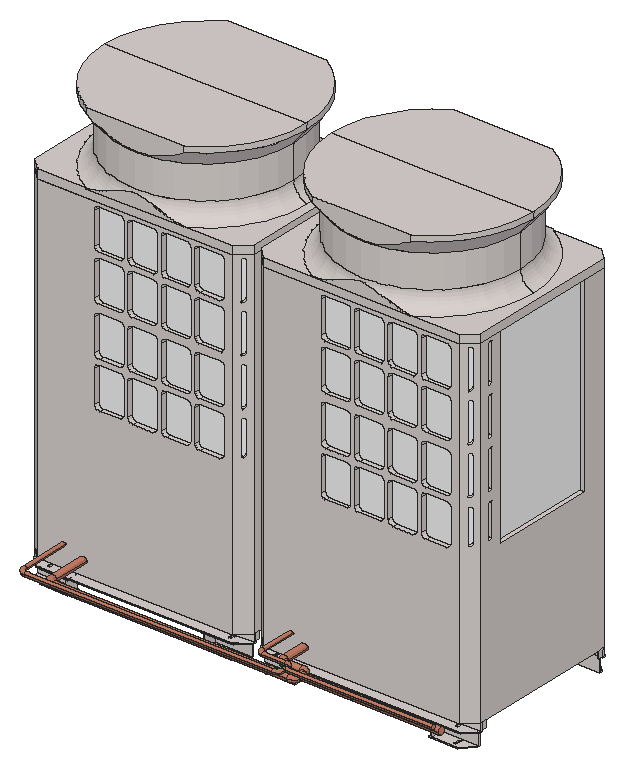
Revit family "PUHY-P550YSNW-A1", category Mechanical Equipment, Revit 2016 (continued)
Definition of nested family "PUHY-P250YNW-A1"
  Dimensions and locks
    cut or joined group 1 (Extrusion 1, Extrusion 2, Extrusion 3, Extrusion 4, Extrusion 5, Extrusion 6, Extrusion 7, Extrusion 8, Extrusion 9, Extrusion 10, Extrusion 11, Extrusion 12, Extrusion 13, Extrusion 14, Extrusion 15, Extrusion 16, Extrusion 17, Extrusion 20, Extrusion 21, Extrusion 22, Extrusion 23, Extrusion 24, Extrusion 25, Extrusion 26, Extrusion 27, Extrusion 28, Extrusion 29, Extrusion 30, Extrusion 31, Extrusion 32) to cut or joined group 1 = 920 mm
    cut or joined group 1 to cut or joined group 1 = 740 mm
    nested 5 to cut or joined group 1 = 80 mm
    cut or joined group 1 to nested 4 to nested 5 = 80 mm, 760 mm
    cut or joined group 1 to nested 2 = 29.5 mm
    cut or joined group 1 to nested 3 to nested 2 = 29.5 mm, 681 mm
    cut or joined group 1 to cut or joined group 1 = 35 mm
    plane 6 "44" to cut or joined group 1 = 3.536 mm
    Extrusion 25 sketch curve to Extrusion 25 sketch curve = 20 mm
    cut or joined group 1 to cut or joined group 1 = 50 mm
    locked: Extrusion 19 to nested 2 at 116
    curve 137 to nested 2 = 90 mm
    curve 135 to nested 2 = 125 mm
    curve 133 to nested 2 = 110 mm
    cut or joined group 1 to curve 133 = 132 mm
    cut or joined group 1 to curve 135 = 207 mm
    cut or joined group 1 to curve 137 = 256 mm
    cut or joined group 1 to curve 126 to curve 128 = 125 mm, 148 mm
    curve 127 to curve 125 to nested 2 = 84 mm, 71 mm
    cut or joined group 1 to Extrusion 19 = 198 mm
    cut or joined group 1 to Extrusion 18 = 181 mm
    cut or joined group 1 to curve 29 = 166 mm
    cut or joined group 1 to curve 27 = 185 mm
    cut or joined group 1 to curve 28 = 110 mm
    curve 27 to cut or joined group 1 = 152 mm
    curve 28 to cut or joined group 1 = 172 mm
    curve 29 to cut or joined group 1 = 216 mm
    cut or joined group 1 to curve 9 to curve 11 = 79 mm, 94 mm
    cut or joined group 1 to curve 12 to curve 10 = 128 mm, 150 mm
    cut or joined group 1 to plane 10 = 160 mm
    cut or joined group 1 to plane 11 = 243 mm
    nested 4 to nested 4 = 60 mm
    cut or joined group 1 to nested 2 = 32 mm
    nested 4 to nested 4 = 56 mm
    nested 2 to nested 2 to nested 2 = 20 mm, 54 mm
    nested 3 to nested 2 = 592 mm
    nested 3 to nested 3 = 20 mm
    aligned and locked: level to plane 2
    aligned and locked: nested 2 to nested 4
    aligned and locked: nested 2 to nested 5
  Nested families
    nested 1: "FAN GUARD" at (0, 0, 861), type "FAN GUARD"
      with WIDTH 920 mm
    nested 2: "BASE LEG" at (0, -352, 60), type "BASE LEG"
      with Width 920 mm
    nested 3: "BASE LEG" at (0, 352, 60), type "BASE LEG"
      with Width 920 mm
    nested 4: "ATTACHMENT LEG" at (-374, -349, 0), type "ATTACHMENT LEG"
    nested 5: "ATTACHMENT LEG" at (374, -349, 0) x (-1, 0, 0) z (0, 0, 1), type "ATTACHMENT LEG"
    nested 6: "ATTACHMENT LEG" at (-374, 349, 0), type "ATTACHMENT LEG"
    nested 7: "ATTACHMENT LEG" at (374, 349, 0) x (-1, 0, 0) z (0, 0, 1), type "ATTACHMENT LEG"
  Connectors
    piping at (-217, -189, 176), diameter 22.2, driven by "Gas pipe_radius"
      settings: on Extrusion 18, index 3, connector inside diameter 22.2 mm, connector length 0 mm, flow factor 0, pipe flow 0.0 L/s, pressure drop 0.0 Pa, fitting loss kfactor 0, connector angle 0.00°, fixture units 0, engagement length 0 mm, angle of deflection 0.00°, flow configuration 0, flow direction 0, fitting loss method 0, system type 22, joint type 0, gender type 0, connector reference index -1, connector utility 0, adjustable connector no, is connector primary yes, connector description "Refrigerant service valve (gas)"
    piping at (-300, -172, 176), diameter 9.52, driven by "Liquid pipe_radius"
      settings: on Extrusion 19, index 4, connector inside diameter 9.52 mm, connector length 0 mm, flow factor 0, pipe flow 0.0 L/s, pressure drop 0.0 Pa, fitting loss kfactor 0, connector angle 0.00°, fixture units 0, engagement length 0 mm, angle of deflection 0.00°, flow configuration 0, flow direction 0, fitting loss method 0, system type 22, joint type 0, gender type 0, connector reference index -1, connector utility 0, adjustable connector no, is connector primary no, connector description "Refrigerant service valve (Liquid)"
    electrical at (0, -370, 808)
      settings: on cut or joined group 1, index 5, voltage 415 V, apparent load 0 VA, apparent load phase1 0 VA, apparent load phase2 0 VA, apparent load phase3 0 VA, power factor 1, load classification none, number of poles 3, system type 30, power factor state 1, is connector primary yes, connector utility no, sub classification motor no, connector description ""
  Definition of nested family "FAN GUARD"
    Parameters
      WIDTH [instance] = 920 mm
    Reference planes
      plane 1 "中心(正面/背面)": y = 0
      plane 2: z = 0
      plane 3 "中心(左/右)": x = 0
      plane 4 "ファンガード基準面": z = 660
      plane 5: y = 370
      plane 6: y = -370
      plane 7: x = 460
      plane 8: x = -460
      plane 9 "ファンガード基準上面": z = 694
      plane 10 "ファンガード上面": z = 997
    Forms (mm)
      Extrusion 1, solid
        sketch origin (0, 0, 660) x (-1, 0, 0) y (0, -1, 0)
          loop
            line (410, -370) -> (460, -320) -> (460, 320) -> (410, 370) -> (-410, 370) -> (-460, 320) -> (-460, -320) -> (-410, -370) -> (410, -370)
        from 0 to 34
      Revolve 2, solid
        sketch origin (0, 0, 0) x (1, 0, 0) y (0, 0, 1)
          loop
            line (0, 694) -> (0, 997) -> (-423, 997) -> (-423, 973) -> (-368.829, 903.664) -> (-368.829, 764.141)
            arc (-368.829, 764.141) -> (-384.109, 719.678) -> (-423.494, 694) r 72.332
            line (-423.494, 694) -> (0, 694)
          axis (0, 997) -> (0, 694)
        angle from 0 to 360
      Extrusion 3, void
        sketch origin (0, 0, 694) x (-1, 0, 0) y (0, -1, 0)
          loop
            line (345, -370) -> (-345, -370) -> (-345, -545) -> (345, -545) -> (345, -370)
          loop
            line (345, 370) -> (345, 539.592) -> (-345, 539.592) -> (-345, 370) -> (345, 370)
        from 0 to 400
    Cuts and joins
      Extrusion 3 cuts Revolve 2
    Lines and regions (mm)
      model lines
        curve 1: line (-423, 0, 997) -> (-80, 0, 997)
        curve 2: line (80, 0, 997) -> (423, 0, 997)
        curve 3: circle (0, 0, 997) r 80 normal (0, 0, 1)
        curve 4: line (-415.366, -80, 997) -> (415.366, -80, 997)
        curve 5: line (-391.572, -160, 997) -> (391.572, -160, 997)
        curve 6: line (-348.323, -240, 997) -> (348.323, -240, 997)
        curve 7: line (-276.639, -320, 997) -> (276.639, -320, 997)
        curve 8: line (-415.366, 80, 997) -> (415.366, 80, 997)
        curve 9: line (-391.572, 160, 997) -> (391.572, 160, 997)
        curve 10: line (-348.323, 240, 997) -> (348.323, 240, 997)
        curve 11: line (-276.639, 320, 997) -> (276.639, 320, 997)
        curve 12: line (0, 370, 997) -> (0, -370, 997)
        curve 13: line (-20, 370, 997) -> (-20, -370, 997)
        curve 14: line (-40, 370, 997) -> (-40, -370, 997)
        curve 15: line (-60, 370, 997) -> (-60, -370, 997)
        curve 16: line (-80, 370, 997) -> (-80, -370, 997)
        curve 17: line (20, 370, 997) -> (20, -370, 997)
        curve 18: line (40, 370, 997) -> (40, -370, 997)
        curve 19: line (60, 370, 997) -> (60, -370, 997)
        curve 20: line (80, 370, 997) -> (80, -370, 997)
        curve 21: line (100, 370, 997) -> (100, -370, 997)
        curve 22: line (120, 370, 997) -> (120, -370, 997)
        curve 23: line (140, 370, 997) -> (140, -370, 997)
        curve 24: line (160, 370, 997) -> (160, -370, 997)
        curve 25: line (180, 370, 997) -> (180, -370, 997)
        curve 26: line (200, 370, 997) -> (200, -370, 997)
        curve 27: line (220, 361.288, 997) -> (220, -361.288, 997)
        curve 28: line (240, 348.323, 997) -> (240, -348.323, 997)
        curve 29: line (260, 333.66, 997) -> (260, -333.66, 997)
        curve 30: line (280, 317.063, 997) -> (280, -317.063, 997)
        curve 31: line (300, 298.21, 997) -> (300, -298.21, 997)
        curve 32: line (320, 276.639, 997) -> (320, -276.639, 997)
        curve 33: line (340, 251.653, 997) -> (340, -251.653, 997)
        curve 34: line (360, 222.101, 997) -> (360, -222.101, 997)
        curve 35: line (380, 185.82, 997) -> (380, -185.82, 997)
        curve 36: line (400, 137.583, 997) -> (400, -137.583, 997)
        curve 37: line (420, 50.289, 997) -> (420, -50.289, 997)
        curve 38: line (-100, 370, 997) -> (-100, -370, 997)
        curve 39: line (-120, 370, 997) -> (-120, -370, 997)
        curve 40: line (-140, 370, 997) -> (-140, -370, 997)
        curve 41: line (-160, 370, 997) -> (-160, -370, 997)
        curve 42: line (-180, 370, 997) -> (-180, -370, 997)
        curve 43: line (-200, 370, 997) -> (-200, -370, 997)
        curve 44: line (-220, 361.288, 997) -> (-220, -361.288, 997)
        curve 45: line (-240, 348.323, 997) -> (-240, -348.323, 997)
        curve 46: line (-260, 333.66, 997) -> (-260, -333.66, 997)
        curve 47: line (-280, 317.063, 997) -> (-280, -317.063, 997)
        curve 48: line (-300, 298.21, 997) -> (-300, -298.21, 997)
        curve 49: line (-320, 276.639, 997) -> (-320, -276.639, 997)
        curve 50: line (-340, 251.653, 997) -> (-340, -251.653, 997)
        curve 51: line (-360, 222.101, 997) -> (-360, -222.101, 997)
        curve 52: line (-380, 185.82, 997) -> (-380, -185.82, 997)
        curve 53: line (-400, 137.583, 997) -> (-400, -137.583, 997)
        curve 54: line (-420, 50.289, 997) -> (-420, -50.289, 997)
        curve 55: line (10, 79.373, 997) -> (10, -79.373, 997)
        curve 56: line (-10, 79.373, 997) -> (-10, -79.373, 997)
        curve 57: line (30, 74.162, 997) -> (30, -74.162, 997)
        curve 58: line (50, 62.45, 997) -> (50, -62.45, 997)
        curve 59: line (70, 38.73, 997) -> (70, -38.73, 997)
        curve 60: line (-30, 74.162, 997) -> (-30, -74.162, 997)
        curve 61: line (-50, 62.45, 997) -> (-50, -62.45, 997)
        curve 62: line (-70, 38.73, 997) -> (-70, -38.73, 997)
    Dimensions and locks
      "WIDTH": plane 8 to plane 7
      locked: plane 6 to plane 5 at 740
      equal spacing: plane 8, plane 3 "中心(左/右)", plane 7
      equal spacing: plane 6, plane 1 "中心(正面/背面)", plane 5
      plane 3 "中心(左/右)" to Revolve 2 sketch curve = 423 mm
      locked: plane 10 "ファンガード上面" to plane 9 "ファンガード基準上面" at 303
      aligned and locked: level to plane 2
      aligned and locked: plane 5 to Extrusion 1 sketch curve
      aligned and locked: Extrusion 1 sketch curve to plane 6
      aligned and locked: plane 8 to Extrusion 1 sketch curve
      aligned and locked: plane 7 to Extrusion 1 sketch curve
      aligned and locked: plane 9 "ファンガード基準上面" to Extrusion 1
      aligned and locked: plane 4 "ファンガード基準面" to Extrusion 1
      aligned and locked: plane 9 "ファンガード基準上面" to Revolve 2 sketch curve
      aligned and locked: Revolve 2 sketch curve to plane 3 "中心(左/右)"
      aligned and locked: Extrusion 1 to Extrusion 3 sketch curve
      aligned and locked: Extrusion 3 sketch curve to Extrusion 1
      aligned and locked: cut or joined group of Revolve 2, Extrusion 3 to plane 10 "ファンガード上面"
    Automatic sketch dimensions
      Extrusion 1 sketch curve to plane 7 = 50 mm  (x2)
      plane 8 to Extrusion 1 sketch curve = 50 mm  (x2)
      plane 5 to Extrusion 1 sketch curve = 50 mm  (x2)
      Extrusion 1 sketch curve to plane 6 = 50 mm  (x2)
      plane 3 "中心(左/右)" to Extrusion 3 sketch curve = 345 mm  (x2)
      Extrusion 3 sketch curve to plane 3 "中心(左/右)" = 345 mm  (x2)
      Extrusion 3 sketch curve to Extrusion 3 sketch curve = 175 mm
      Extrusion 3 sketch curve to Extrusion 3 sketch curve = 169.592 mm
      plane 1 "中心(正面/背面)" to curve 2 = 0 mm
      plane 1 "中心(正面/背面)" to curve 3 = 0 mm
      curve 3 to plane 3 "中心(左/右)" = 0 mm
      curve 12 to plane 3 "中心(左/右)" = 0 mm
      plane 1 "中心(正面/背面)" to curve 1 = 0 mm
      plane 3 "中心(左/右)" to curve 55 = 10 mm
      curve 17 to curve 12 = 20 mm
      curve 57 to curve 55 = 20 mm
      curve 18 to curve 17 = 20 mm
      curve 58 to curve 57 = 20 mm
      curve 19 to curve 18 = 20 mm
      curve 59 to curve 58 = 20 mm
      curve 20 to curve 19 = 20 mm
      curve 2 to curve 59 = 10 mm
      curve 21 to curve 20 = 20 mm
      curve 22 to curve 21 = 20 mm
      curve 23 to curve 22 = 20 mm
      curve 24 to curve 23 = 20 mm
      curve 25 to curve 24 = 20 mm
      curve 26 to curve 25 = 20 mm
      curve 27 to curve 26 = 20 mm
      curve 28 to curve 27 = 20 mm
      curve 29 to curve 28 = 20 mm
      curve 11 to curve 29 = 16.639 mm
      curve 7 to curve 29 = 16.639 mm
      curve 30 to curve 7 = 3.361 mm
      curve 31 to curve 30 = 20 mm
      curve 32 to curve 31 = 20 mm
      curve 33 to curve 32 = 20 mm
      curve 6 to curve 33 = 8.323 mm
      curve 10 to curve 33 = 8.323 mm
      curve 34 to curve 10 = 11.677 mm
      curve 35 to curve 34 = 20 mm
      curve 9 to curve 35 = 11.572 mm
      curve 5 to curve 35 = 11.572 mm
      curve 36 to curve 9 = 8.428 mm
      curve 8 to curve 36 = 15.366 mm
      curve 4 to curve 36 = 15.366 mm
      curve 37 to curve 8 = 4.634 mm
      curve 2 to curve 37 = 3 mm
      curve 56 to plane 3 "中心(左/右)" = 10 mm
      curve 13 to plane 3 "中心(左/右)" = 20 mm
      curve 56 to curve 60 = 20 mm
      curve 13 to curve 14 = 20 mm
      curve 60 to curve 61 = 20 mm
      curve 14 to curve 15 = 20 mm
      curve 61 to curve 62 = 20 mm
      curve 15 to curve 16 = 20 mm
      curve 16 to curve 38 = 20 mm
      curve 38 to curve 39 = 20 mm
      curve 39 to curve 40 = 20 mm
      curve 40 to curve 41 = 20 mm
      curve 41 to curve 42 = 20 mm
      curve 42 to curve 43 = 20 mm
      curve 43 to curve 44 = 20 mm
      curve 44 to curve 45 = 20 mm
      curve 45 to curve 46 = 20 mm
      curve 46 to curve 7 = 16.639 mm
      curve 46 to curve 11 = 16.639 mm
      curve 7 to curve 47 = 3.361 mm
      curve 47 to curve 48 = 20 mm
      curve 48 to curve 49 = 20 mm
      curve 49 to curve 50 = 20 mm
      curve 50 to curve 6 = 8.323 mm
      curve 50 to curve 10 = 8.323 mm
      curve 10 to curve 51 = 11.677 mm
      curve 51 to curve 52 = 20 mm
      curve 52 to curve 9 = 11.572 mm
      curve 52 to curve 5 = 11.572 mm
      curve 5 to curve 53 = 8.428 mm
      curve 53 to curve 4 = 15.366 mm
      curve 53 to curve 8 = 15.366 mm
      curve 4 to curve 54 = 4.634 mm
      curve 54 to curve 1 = 3 mm
      curve 8 to plane 1 "中心(正面/背面)" = 80 mm
      curve 36 to curve 8 = 57.583 mm
      curve 53 to curve 8 = 57.583 mm
      curve 9 to curve 36 = 22.417 mm
      curve 52 to curve 9 = 25.82 mm
      curve 35 to curve 9 = 25.82 mm
      curve 51 to curve 52 = 36.282 mm
      curve 34 to curve 35 = 36.282 mm
      curve 10 to curve 51 = 17.899 mm
      curve 33 to curve 10 = 11.653 mm
      curve 50 to curve 10 = 11.653 mm
      curve 49 to curve 50 = 24.986 mm
      curve 32 to curve 33 = 24.986 mm
      curve 48 to curve 49 = 21.571 mm
      curve 31 to curve 32 = 21.571 mm
      curve 47 to curve 48 = 18.853 mm
      curve 30 to curve 31 = 18.853 mm
      curve 11 to curve 30 = 2.937 mm
      curve 29 to curve 11 = 13.66 mm
      curve 46 to curve 11 = 13.66 mm
      curve 28 to curve 29 = 14.663 mm
      curve 45 to curve 46 = 14.663 mm
      curve 44 to curve 45 = 12.965 mm
      curve 27 to curve 28 = 12.965 mm
      curve 12 to curve 27 = 8.712 mm
      curve 12 to curve 21 = 0 mm
      curve 13 to curve 12 = 0 mm
      curve 14 to curve 13 = 0 mm  (x2)
      curve 12 to curve 18 = 0 mm
      curve 21 to curve 23 = 0 mm
      curve 43 to curve 44 = 8.712 mm
      curve 23 to curve 24 = 0 mm  (x2)
      curve 43 to curve 42 = 0 mm  (x2)
      curve 24 to curve 25 = 0 mm  (x2)
      curve 42 to curve 41 = 0 mm  (x2)
      curve 25 to curve 26 = 0 mm  (x2)
      curve 41 to curve 40 = 0 mm  (x2)
      curve 20 to curve 21 = 0 mm  (x2)
      curve 40 to curve 39 = 0 mm  (x2)
      curve 15 to curve 14 = 0 mm
      curve 39 to curve 38 = 0 mm
      curve 38 to curve 16 = 0 mm  (x2)
      curve 18 to curve 19 = 0 mm  (x2)
      curve 12 to curve 17 = 0 mm  (x2)
      curve 21 to curve 22 = 0 mm  (x2)
      curve 8 to curve 37 = 29.711 mm
      curve 8 to curve 54 = 29.711 mm
      plane 1 "中心(正面/背面)" to curve 37 = 50.289 mm
      plane 1 "中心(正面/背面)" to curve 54 = 50.289 mm
      curve 37 to curve 4 = 29.711 mm
      curve 4 to curve 36 = 57.583 mm
      curve 4 to curve 53 = 57.583 mm
      curve 36 to curve 5 = 22.417 mm
      curve 5 to curve 52 = 25.82 mm
      curve 5 to curve 35 = 25.82 mm
      curve 35 to curve 34 = 36.282 mm
      curve 52 to curve 51 = 36.282 mm
      curve 51 to curve 6 = 17.899 mm
      curve 6 to curve 50 = 11.653 mm
      curve 6 to curve 33 = 11.653 mm
      curve 50 to curve 49 = 24.986 mm
      curve 33 to curve 32 = 24.986 mm
      curve 49 to curve 48 = 21.571 mm
      curve 32 to curve 31 = 21.571 mm
      curve 48 to curve 47 = 18.853 mm
      curve 31 to curve 30 = 18.853 mm
      curve 30 to curve 7 = 2.937 mm
      curve 7 to curve 46 = 13.66 mm
      curve 7 to curve 29 = 13.66 mm
      curve 29 to curve 28 = 14.663 mm
      curve 46 to curve 45 = 14.663 mm
      curve 45 to curve 44 = 12.965 mm
      curve 28 to curve 27 = 12.965 mm
      curve 44 to curve 13 = 8.712 mm
      curve 27 to curve 23 = 8.712 mm
      curve 15 to curve 13 = 0 mm
      curve 44 to curve 42 = 8.712 mm
      curve 16 to curve 15 = 0 mm
      curve 22 to curve 23 = 0 mm
      curve 13 to curve 17 = 0 mm
      curve 17 to curve 19 = 0 mm
      Revolve 2 sketch curve to plane 3 "中心(左/右)" = 0 mm
      Revolve 2 sketch curve to plane 10 "ファンガード上面" = 0 mm
      plane 9 "ファンガード基準上面" to Revolve 2 sketch curve = 70.141 mm
      Revolve 2 sketch curve to Revolve 2 sketch curve = 18.161 mm
      Revolve 2 sketch curve to level = 1700.815 mm
      Revolve 2 sketch curve to plane 10 "ファンガード上面" = 93.336 mm
      Revolve 2 sketch curve to plane 10 "ファンガード上面" = 24 mm
      Revolve 2 sketch curve to Revolve 2 sketch curve = 790.769 mm
      Revolve 2 sketch curve to Revolve 2 sketch curve = 17.668 mm
  Definition of nested family "BASE LEG"
    Parameters
      Width [instance] = 920 mm
    Reference planes
      plane 1 "中心(正面/背面)": y = 0
      plane 2: z = 0
      plane 3 "中心(左/右)": x = 0
      plane 4: x = 460
      plane 5: x = -460
      plane 6: x = -380
      plane 7: x = 380
      plane 8: y = -18
      plane 9: y = 39
      plane 10: z = 53
      plane 11: y = 42
      plane 12: y = 27
      plane 13: x = 415
      plane 14: x = -415
      plane 15: z = 8
      plane 16: y = 11.5
      plane 17: z = 35
    Forms (mm)
      Extrusion 1, solid
        sketch origin (0, 0, 0) x (0, 1, 0) y (0, 0, 1)
          loop
            line (-18, 0) -> (36, 0) -> (36, 32) -> (56, 32) -> (56, 35) -> (33, 35) -> (33, 3) -> (-18, 3) -> (-18, 0)
        from -460 to 460
      Extrusion 2, void
        sketch origin (0, 0, 0) x (1, 0, 0) y (0, 1, 0)
          loop
            line (415, -18) -> (460, -18) -> (460, 27) -> (415, -18)
          loop
            line (-415, -18) -> (-460, 27) -> (-460, -18) -> (-415, -18)
        from 0 to 250
      Extrusion 3, void
        sketch origin (0, 12.023, 0) x (1, 0, 0) y (0, 1, 0)
          loop
            arc (373, -2.971) -> (380, -9.971) -> (387, -2.971) r 7
            line (387, -2.971) -> (387, 3.023)
            arc (387, 3.023) -> (380, 10.023) -> (373, 3.023) r 7
            line (373, 3.023) -> (373, -2.971)
          loop
            line (-373, -2.971) -> (-373, 3.023)
            arc (-373, 3.023) -> (-380, 10.023) -> (-387, 3.023) r 7
            line (-387, 3.023) -> (-387, -2.971)
            arc (-387, -2.971) -> (-380, -9.971) -> (-373, -2.971) r 7
        from 0 to 250
      Extrusion 4, solid
        sketch origin (0, 0, -3) x (1, 0, 0) y (0, 0, 1)
          loop
            line (457, 8) -> (460, 8) -> (460, 35) -> (457, 35) -> (457, 8)
          loop
            line (-457, 8) -> (-457, 35) -> (-460, 35) -> (-460, 8) -> (-457, 8)
        from -36 to -56
      Extrusion 5, solid
        sketch origin (150, 352, 0) x (1, 0, 0) y (0, 1, 0)
          loop
            line (310, -319) -> (305, -319) -> (305, -320) -> (255, -370) -> (260, -370) -> (310, -320) -> (310, -319)
        from 3 to 35
      Extrusion 6, void
        sketch origin (410, -18, 0) x (0.707107, 0.707107, 0) y (0, 0, 1)
          loop
            line (70.711, 3) -> (-6.741, 39.767) -> (-6.741, 3) -> (70.711, 3)
        from -190.256 to 23.776
      Extrusion 7, solid
        sketch origin (-150, 352, 0) x (-1, 0, 0) y (0, -1, 0)
          loop
            line (310, 319) -> (310, 320) -> (260, 370) -> (255, 370) -> (305, 320) -> (305, 319) -> (310, 319)
        from 3 to 35
      Extrusion 8, void
        sketch origin (-410, -18, 0) x (0.707107, -0.707107, 0) y (0, 0, -1)
          loop
            line (-70.711, -3) -> (0, -35) -> (6.741, -35) -> (6.741, -3) -> (-70.711, -3)
        from -190.256 to 23.776
    Cuts and joins
      Extrusion 2, Extrusion 3 cuts Extrusion 1
      joined: Extrusion 1, Extrusion 4
      Extrusion 8 cuts Extrusion 7
      Extrusion 6 cuts Extrusion 5
    Dimensions and locks
      "Width": plane 5 to plane 4
      equal spacing: plane 5, plane 3 "中心(左/右)", plane 4
      locked: plane 5 to plane 6 at 80
      locked: plane 7 to plane 4 at 80
      locked: plane 8 to plane 9 at 57
      locked: plane 10 to level at 53
      locked: plane 9 to plane 11 at 3
      plane 8 to plane 12 = 45 mm
      locked: plane 13 to plane 4 at 45
      locked: plane 5 to plane 14 at 45
      equal spacing: Extrusion 3 sketch curve, plane 7, Extrusion 3 sketch curve
      equal spacing: Extrusion 3 sketch curve, plane 6, Extrusion 3 sketch curve
      locked: plane 10 to plane 15 at 45
      locked: cut or joined group of Extrusion 1, Extrusion 2, Extrusion 3, Extrusion 4 to Extrusion 4 sketch curve at 3  (x2)
      locked: plane 8 to plane 16 at 29.5
      plane 8 to plane 11 = 60 mm
      cut or joined group of Extrusion 1, Extrusion 2, Extrusion 3, Extrusion 4 to cut or joined group of Extrusion 1, Extrusion 2, Extrusion 3, Extrusion 4 = 35 mm
      aligned and locked: level to plane 2
      aligned and locked: plane 8 to Extrusion 1 sketch curve
      aligned and locked: plane 4 to Extrusion 1
      aligned and locked: Extrusion 1 to plane 5
      aligned and locked: Extrusion 2 sketch curve to plane 4
      aligned and locked: Extrusion 2 sketch curve to plane 8
      aligned and locked: plane 12 to Extrusion 2 sketch curve
      aligned and locked: plane 13 to Extrusion 2 sketch curve
      aligned and locked: plane 4 to Extrusion 4 sketch curve
      aligned and locked: plane 5 to Extrusion 4 sketch curve
      aligned and locked: cut or joined group of Extrusion 7, Extrusion 8 to cut or joined group of Extrusion 1, Extrusion 2, Extrusion 3, Extrusion 4
    Automatic sketch dimensions
      Extrusion 3 sketch curve to plane 1 "中心(正面/背面)" = 9.052 mm  (x2)
      Extrusion 3 sketch curve to plane 7 = 7 mm
      Extrusion 3 sketch curve to plane 1 "中心(正面/背面)" = 15.046 mm  (x2)
      Extrusion 3 sketch curve to plane 6 = 7 mm
      Extrusion 2 sketch curve to plane 5 = 0 mm
      plane 8 to Extrusion 2 sketch curve = 0 mm
      Extrusion 2 sketch curve to plane 14 = 0 mm
      plane 12 to Extrusion 2 sketch curve = 0 mm
      Extrusion 4 sketch curve to plane 10 = 21 mm
      plane 7 to Extrusion 5 sketch curve = 25 mm
      Extrusion 5 sketch curve to Extrusion 5 sketch curve = 5 mm  (x2)
      plane 7 to Extrusion 5 sketch curve = 75 mm
      plane 8 to Extrusion 5 sketch curve = 0 mm
      Extrusion 5 sketch curve to Extrusion 5 sketch curve = 50 mm
      Extrusion 5 sketch curve to Extrusion 5 sketch curve = 0 mm
      Extrusion 5 sketch curve to Extrusion 5 sketch curve = 1 mm
      Extrusion 6 sketch curve to Extrusion 5 = 0 mm  (x2)
      Extrusion 6 sketch curve to Extrusion 5 = 6.741 mm
      Extrusion 6 sketch curve to Extrusion 5 = 4.767 mm
      plane 6 to Extrusion 7 sketch curve = 25 mm
      Extrusion 7 sketch curve to Extrusion 7 sketch curve = 5 mm  (x2)
      Extrusion 7 sketch curve to Extrusion 7 sketch curve = 45 mm
      Extrusion 7 sketch curve to plane 8 = 0 mm
      Extrusion 7 sketch curve to Extrusion 7 sketch curve = 50 mm
      Extrusion 7 sketch curve to Extrusion 7 sketch curve = 0 mm
      Extrusion 7 sketch curve to Extrusion 7 sketch curve = 1 mm
      Extrusion 8 sketch curve to Extrusion 7 = 0 mm  (x2)
      Extrusion 7 to Extrusion 8 sketch curve = 0 mm  (x2)
      Extrusion 7 to Extrusion 8 sketch curve = 6.741 mm
      Extrusion 4 sketch curve to plane 17 = 3 mm
      Extrusion 4 sketch curve to plane 15 = 3 mm  (x2)
      Extrusion 1 sketch curve to plane 17 = 0 mm
      Extrusion 1 sketch curve to level = 0 mm
      level to Extrusion 1 sketch curve = 3 mm
      plane 9 to Extrusion 1 sketch curve = 6 mm
      plane 9 to Extrusion 1 sketch curve = 3 mm
      Extrusion 1 sketch curve to plane 17 = 3 mm
      Extrusion 1 sketch curve to plane 11 = 14 mm
  Definition of nested family "ATTACHMENT LEG"
    Parameters
      Width = 145 mm
    Reference planes
      plane 1: z = 0
      plane 2 "中心(左/右)": x = -6
      plane 3: x = -52
      plane 4: x = 85
      plane 5: x = 93
      plane 6: y = -21
      plane 7: y = 27
      plane 8: x = -30
      plane 9: y = 39
      plane 10: z = 60
      plane 11: z = 57
      plane 12: z = 3
      plane 13: x = 82
      plane 14: y = 36
      plane 15: x = -75
      plane 16: y = 31
      plane 17 "幅": x = 93
      plane 18: y = 2.5
      plane 19: y = 21
      plane 20: y = -10
    Forms (mm)
      Extrusion 1, solid
        sketch origin (0, -1, 0) x (1, 0, 0) y (0, 1, 0)
          loop
            line (-75, 36) -> (-75, 27) -> (-28, -20) -> (93, -20) -> (93, 32) -> (85, 32) -> (85, 36) -> (-75, 36)
        from 0 to 60
      Extrusion 2, void
        sketch origin (0, -3, 0) x (1, 0, 0) y (0, 0, 1)
          loop
            line (-75, 57) -> (-75, 3) -> (82, 3) -> (82, 57) -> (-75, 57)
          loop
            line (93, 57) -> (85, 57) -> (85, 3) -> (93, 3) -> (93, 57)
        from -35 to 18
      Extrusion 3, void
        sketch origin (-6, 5.5, 0) x (1, 0, 0) y (0, 1, 0)
          loop
            arc (-7, -8.5) -> (0, -15.5) -> (7, -8.5) r 7
            line (7, -8.5) -> (7, 8.5)
            arc (7, 8.5) -> (0, 15.5) -> (-7, 8.5) r 7
            line (-7, 8.5) -> (-7, -8.5)
        from 0 to 60
    Cuts and joins
      Extrusion 2, Extrusion 3 cuts Extrusion 1
    Dimensions and locks
      locked: plane 3 to plane 4 at 137
      locked: plane 3 to plane 5 at 145
      plane 6 to plane 7 = 48 mm
      locked: plane 10 to level at 60
      Extrusion 3 sketch curve to plane 2 "中心(左/右)" = 7 mm
      locked: plane 15 to plane 2 "中心(左/右)" at 69
      locked: plane 15 to plane 8 at 45
      locked: plane 6 to plane 18 at 23.5
      cut or joined group of Extrusion 1, Extrusion 2, Extrusion 3 to cut or joined group of Extrusion 1, Extrusion 2, Extrusion 3 = 168 mm
      cut or joined group of Extrusion 1, Extrusion 2, Extrusion 3 to cut or joined group of Extrusion 1, Extrusion 2, Extrusion 3 = 56 mm  (x2)
      plane 14 to plane 6 = 57 mm
      aligned and locked: level to plane 1
      aligned and locked: Extrusion 1 sketch curve to plane 4
      aligned and locked: Extrusion 1 sketch curve to plane 5
      aligned: plane 8 to Extrusion 1 sketch curve
      aligned and locked: plane 10 to Extrusion 1
      aligned and locked: Extrusion 2 sketch curve to plane 11
      aligned: plane 3 to Extrusion 2 sketch curve
      aligned and locked: plane 12 to Extrusion 2 sketch curve
      aligned and locked: Extrusion 2 sketch curve to plane 13
      aligned and locked: plane 6 to Extrusion 2
      aligned and locked: plane 11 to Extrusion 2 sketch curve
      aligned and locked: plane 5 to Extrusion 2 sketch curve
      aligned and locked: Extrusion 2 sketch curve to plane 12
      aligned and locked: Extrusion 2 sketch curve to plane 4
      aligned and locked: plane 15 to Extrusion 1 sketch curve
      aligned and locked: Extrusion 2 sketch curve to cut or joined group of Extrusion 1, Extrusion 2, Extrusion 3
      aligned and locked: Extrusion 1 to plane 16
Types (6, lengths in mm): name | Voltage | Hertz | Heating Rated Load Ampacity (A) | Heating Current Input (Nominal) (A) | Heating Current Input (A) | Cooling Rated Load Ampacity (A) | Cooling Current Input (A)
  PUHY-P550YSNW-A1_380V_50Hz | 380 V | 50 Hz | 27.2 | 23.4 | 27.2 | 28.4 | 28.4
  PUHY-P550YSNW-A1_380V_60Hz | 380 V | 60 Hz | 27.2 | 23.4 | 27.2 | 28.4 | 28.4
  PUHY-P550YSNW-A1_400V_50Hz | 400 V | 50 Hz | 25.9 | 22.2 | 25.9 | 27 | 27
  PUHY-P550YSNW-A1_400V_60Hz | 400 V | 60 Hz | 25.9 | 22.2 | 25.9 | 27 | 27
  PUHY-P550YSNW-A1_415V_50Hz | 415 V | 50 Hz | 24.9 | 21.4 | 24.9 | 26 | 26
  PUHY-P550YSNW-A1_415V_60Hz | 415 V | 60 Hz | 24.9 | 21.4 | 24.9 | 26 | 26
